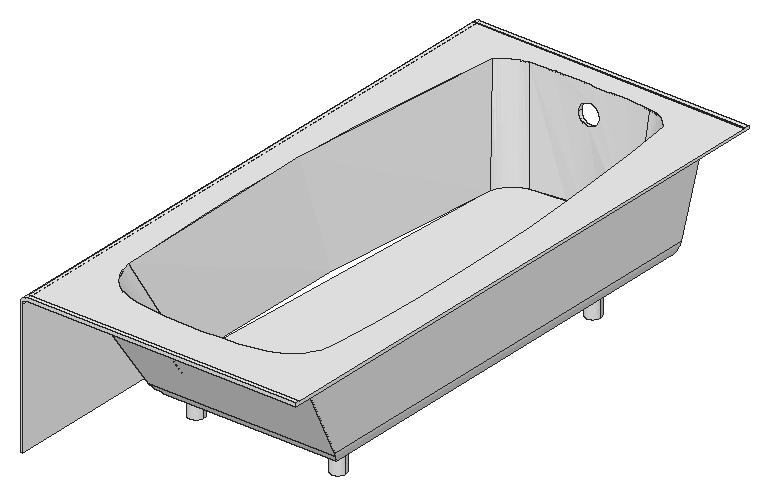
Revit family "Bathtub_Commercial_FBY1715LP_TOTO", category Plumbing Fixtures, host Face, Revit 2013
Parameters (values of type "FBY1715LP")
  ecoScorecard_data = " "
  ecoScorecard Product Page = "  "
  Width = 32"  # constant formula
  Water Connection Radius = Waste Connection NPT / 2  # 1 3/32"
  Waste Connection NPT = 2 3/16"
  Warranty URL = "http://www.totousa.com/warranty-registration"
  Warranty = "Lifetime Limited Warranty"  # constant formula
  URL = "http://www.totousa.com"
  Toto BIM Number = "BM-00098"  # constant formula
  Subcategory = "Bathtubs"  # constant formula
  Style = "Commercial"  # constant formula
  Spec Sheet URL = "http://assets.totousa.com/product-files/SS-00315_FBY1715LP_RP.pdf"
  Shipping Weight = 441.00 lbf
  Product Page URL = " "
  Owners Manual URL = "  "
  Model = "FBY1715LP"  # constant formula
  Manufacturer Toll Free Phone = "1-888-295-8134"  # constant formula
  Manufacturer Phone = "(770) 282-8686"  # constant formula
  Manufacturer Fax = "(770) 282-0002"  # constant formula
  Manufacturer Email = "mailto:custservice@totousa.com "
  Manufacturer Address = "1155 Southern Road, Morrow, Georgia 30260"  # constant formula
  Manufacturer = "TOTO USA, Inc."  # constant formula
  Height = 16 3/4"  # constant formula
  Finish = Metal - TOTO - Chrome - Polished
  Description = "Enameled Cast Iron Bathtub"  # constant formula
  Depth = 65 3/4"  # constant formula
  Default Elevation = 48"
  Cost Info = "mailto:custservice@totousa.com "
  Color Availability = "#01  Cotton, #12  Sedona Beige"  # constant formula
  CAD Drawing URL = "http://assets.totousa.com/product-files/AD-00164_FBY1715LP.dxf"
  Assembly Code = "D2010510"
  ADA Compliant = yes
  95 CSI = "15410"
  04 CSI = "22 42 19"
Reference planes (in)
  plane 1 "Center (Front/Back)": y = 0
  plane 2: z = 0
  plane 3 "Center (Left/Right)": x = 0
Dimensions and locks (in)
  aligned and locked: plane 2 to host face
  aligned and locked: level to host face
  aligned and locked: plane 3 "Center (Left/Right)" to nested 1
  aligned and locked: nested 1 to plane 1 "Center (Front/Back)"
Nested families (in)
  nested 1: "FBY1715LP" at (0, 29.875, 0), type "FBY1715LP"
Connectors (in)
  piping at (0, 25, 0.3125), driven by "Water Connection Radius"
    settings: on nested 1, index 1, connector radius 1 3/32", flow factor 0, pipe flow 0 GPM, pressure drop 0.00 psi, fitting loss kfactor 0, connector angle 0.00°, fixture units 0, engagement length 0", flow configuration 3, flow direction 2, fitting loss method 0, system type 16, joint type 0, gender type 0, connector reference index -1, connector utility 0, adjustable connector no, is connector primary yes, fitting loss table "", connector description "Waste Outlet Connection"
Definition of nested family "FBY1715LP"
  Parameters (values of type "FBY1715LP")
    ecoScorecard_data = ""
    ecoScorecard Product Page = ""
    Waste Connection Radius = Waste Connection Diameter / 2  # 1 3/32"
    Waste Connection Diameter = 2 3/16"
    Waste Connection = yes
    WFU = 0
    Vent Connection = yes
    URL = "http://www.totousa.com"
    Toto Version = "V.02"  # constant formula
    Toto BIM Number = "BM-00098"  # constant formula
    Subcategory = "Baths"  # constant formula
    Shipping Weight = 441.00 lbf
    Product URL = "http://www.totousa.com/ProductDetail/tabid/75/Default.aspx?ProductId=6eb202c5-a3e1-4a52-9463-589fb2e3db30&SearchId=c68fc767-0b6f-4ca0-b8b7-7255df0c05e9"
    Nominal Width = 32"  # constant formula
    Nominal Length = 65 3/4"  # constant formula
    Nominal Height = 16 3/4"  # constant formula
    Model = "FBY1715LP"
    Manufacturer = "TOTO USA, Inc."  # constant formula
    HWFU = 0
    HW Connection = no
    Description = "Enameled Cast Iron Bathtub"
    Default Elevation = 0"
    CWFU = 0
    CW Connection = no
    CADworks URL = "http://www.CADworks.net"
    Bathtub Material = Metal - TOTO - Chrome - Polished
    Assembly Code = "D2010510"
    ADA Compliant = yes
  Reference planes (in)
    plane 1 "Wall Closure": y = 3
    plane 2: z = 0
    plane 3 "Center (Left/Right)": x = 0
    plane 4: x = 16
    plane 5: x = -16
    plane 6: y = -4.875
    plane 7: y = -9.875
    plane 8: y = -46.875
    plane 9: z = 13.625
    plane 10: x = -15.75
    plane 11: y = -29.875
    plane 12: y = -62.75
    plane 13: y = 0.25
    plane 14: y = -58
    plane 15: x = -12.625
    plane 16: x = 12.6875
    plane 17: z = 16.75
    plane 18: z = 16.375
    plane 19: x = -8.25
    plane 20: x = 8.25
  Forms (in)
    Extrusion 1, solid
      sketch origin (0, 0, 0) x (1, 0, 0) y (0, 1, 0)
        loop
          line (-36, 24) -> (-36, -84) -> (36, -84) -> (36, 24) -> (-36, 24)
      from 0 to -2
    Extrusion 2, solid, material "Metal - TOTO - Chrome - Polished" <- "Bathtub Material", detail levels medium+fine
      sketch origin (0, 3, 0) x (1, 0, 0) y (0, 0, 1)
        loop
          line (-16, 0.39357) -> (16, 0.39357) -> (16, 16.75) -> (-15.15, 16.75)
          arc (-15.15, 16.75) -> (-15.75104, 16.50104) -> (-16, 15.9) r 0.85
          line (-16, 15.9) -> (-16, 0.39357)
      from 0 to 65.75
    Extrusion 3, void
      sketch origin (16, 0, 48) x (0, 1, 0) y (0, 0, 1)
        loop
          line (3, -31.625) -> (2.41492, -31.625) -> (1.6924, -31.625)
          arc (1.6924, -31.625) -> (1.36421, -31.63974) -> (1.03867, -31.68383) r 3.66141
          arc (1.03867, -31.68383) -> (0.64223, -31.90288) -> (0.45942, -32.31727) r 0.70866
          line (0.45942, -32.31727) -> (-0.66041, -44.69945)
          arc (-0.66041, -44.69945) -> (-1.30437, -46.18732) -> (-2.70662, -47.00104) r 2.59052
          arc (-2.70662, -47.00104) -> (-5.08291, -47.02937) -> (-7.45919, -47.00002) r 97.92627
          line (-7.45919, -47.00002) -> (-47.02365, -46.03109)
          arc (-47.02365, -46.03109) -> (-49.01915, -45.47238) -> (-50.50682, -44.02981) r 4.21259
          line (-50.50682, -44.02981) -> (-57.80545, -32.18614)
          arc (-57.80545, -32.18614) -> (-58.05892, -31.91808) -> (-58.39827, -31.77337) r 0.90551
          arc (-58.39827, -31.77337) -> (-59.1417, -31.66218) -> (-59.89249, -31.625) r 7.59841
          line (-59.89249, -31.625) -> (-62.75, -31.625) -> (-62.75, -48) -> (3, -48) -> (3, -31.625)
      from 0 to -30.81114
    SweptBlend 4, void
      path origin (0, 0, 0) x (0, 1, 0) y (0, 0, 1)
        loop
          line (-26.875, 17.3125) -> (-26.875, 4.4375)
      profile origin (0, -26.875, 17.3125) x (1, 0, 0) y (0, 1, 0)
        loop
          arc (-10.05062, 25.18745) -> (-12.43966, -0.1083) -> (-12.07904, -25.51406) r 234.59755
          arc (-12.07904, -25.51406) -> (-10.46882, -28.87246) -> (-7.16882, -30.59923) r 5.9055
          arc (-7.16882, -30.59923) -> (0, -31.17855) -> (7.16882, -30.59923) r 44.64505
          arc (7.16882, -30.59923) -> (10.46882, -28.87246) -> (12.07904, -25.51406) r 5.9055
          arc (12.07904, -25.51406) -> (12.43966, -0.1083) -> (10.05062, 25.18745) r 234.59755
          arc (10.05062, 25.18745) -> (8.73876, 26.31218) -> (7.08319, 26.80722) r 4.16224
          arc (7.08319, 26.80722) -> (0, 27.09585) -> (-7.08319, 26.80722) r 87.05805
          arc (-7.08319, 26.80722) -> (-8.73876, 26.31218) -> (-10.05062, 25.18745) r 4.16224
      end profile origin (0, -26.875, 4.4375) x (1, 0, 0) y (0, 1, 0)
        loop
          arc (-5.94207, 25.41535) -> (-7.57966, 24.58135) -> (-8.47304, 22.97537) r 3.1496
          arc (-8.47304, 22.97537) -> (-10.43042, 2.37103) -> (-10.48678, -18.326) r 225.06936
          arc (-10.48678, -18.326) -> (-9.5614, -20.44808) -> (-7.60332, -21.68318) r 3.937
          arc (-7.60332, -21.68318) -> (0, -22.69391) -> (7.60332, -21.68318) r 29.10384
          arc (7.60332, -21.68318) -> (9.5614, -20.44808) -> (10.48678, -18.326) r 3.937
          arc (10.48678, -18.326) -> (10.43042, 2.37103) -> (8.47304, 22.97537) r 225.06936
          arc (8.47304, 22.97537) -> (7.57966, 24.58135) -> (5.94207, 25.41535) r 3.1496
          arc (5.94207, 25.41535) -> (0, 25.93662) -> (-5.94207, 25.41535) r 34.1281
    Extrusion 5, void
      sketch origin (0, 0, 0) x (0, 1, 0) y (1, 0, 0)
        loop
          circle (-4.875, 0) r 1.09375
      from 0 to -4.4375
    Extrusion 6, solid, material "Metal - TOTO - Chrome - Polished" <- "Bathtub Material", detail levels medium+fine
      sketch origin (0.125, 0, 0) x (1, 0, 0) y (0, 1, 0)
        loop
          circle (8.125, -46.875) r 0.875
        loop
          circle (-8.375, -46.875) r 0.875
      from 0 to 2.62906
    Extrusion 7, solid, material "Metal - TOTO - Chrome - Polished" <- "Bathtub Material", detail levels medium+fine
      sketch origin (0, 0, 0) x (1, 0, 0) y (0, 1, 0)
        loop
          circle (8.25, -9.875) r 0.875
        loop
          circle (-8.25, -9.875) r 0.875
      from 0 to 2.38867
    Extrusion 8, void
      sketch origin (0, 3, 0) x (1, 0, 0) y (0, 0, 1)
        loop
          circle (0, 13.625) r 1.1875
      from 0 to 5
    Revolve 9, solid, material "Metal - TOTO - Chrome - Polished" <- "Bathtub Material", detail levels medium+fine
      sketch origin (51, -4.875, 48) x (1, 0, 0) y (0, 0, 1)
        loop
          line (-49.90625, -46.78938) -> (-49.90625, -47.6875) -> (-49.65625, -47.6875) -> (-49.65625, -47.31798)
          arc (-49.65625, -47.31798) -> (-49.50143, -46.94421) -> (-49.12765, -46.78938) r 0.5286
          line (-49.12765, -46.78938) -> (-49.90625, -46.78938)
        axis (-51, -46.78938) -> (-51, -47.6875)
      angle from 0 to 360
    Extrusion 10, void
      sketch origin (51, -4.875, 48) x (-1, 0, 0) y (0, 0, 1)
        loop
          line (38.08167, -31.625) -> (35, -31.625) -> (35, -48) -> (66.75, -48) -> (66.75, -32.07015)
          arc (66.75, -32.07015) -> (66.61962, -31.75538) -> (66.30485, -31.625) r 0.44515
          line (66.30485, -31.625) -> (63.87591, -31.625) -> (61.98588, -43.57041)
          arc (61.98588, -43.57041) -> (61.14849, -45.11577) -> (59.5261, -45.79195) r 2.63779
          arc (59.5261, -45.79195) -> (58.73646, -46.52104) -> (57.69726, -46.79514) r 2.22588
          line (57.69726, -46.79514) -> (51, -46.79514) -> (44.92916, -46.79514)
          arc (44.92916, -46.79514) -> (43.84346, -46.51958) -> (42.96999, -45.81833) r 2.63779
          arc (42.96999, -45.81833) -> (42.72193, -45.8054) -> (42.4739, -45.79195) r 118.38559
          arc (42.4739, -45.79195) -> (40.8549, -45.11883) -> (40.01556, -43.57943) r 2.63779
          line (40.01556, -43.57943) -> (38.08167, -31.625)
      from 7.875 to -57.875
    Extrusion 11, void
      sketch origin (51, -4.875, 48) x (-1, 0, 0) y (0, 0, 1)
        loop
          line (67, -31.40927) -> (67, -31.25) -> (34.46812, -31.25)
          arc (34.46812, -31.25) -> (34.52251, -31.31813) -> (34.60582, -31.34381) r 0.14797
          line (34.60582, -31.34381) -> (66.93454, -31.34381) -> (67, -31.40927)
      from 7.375 to -57.375
    Extrusion 12, solid, material "Metal - TOTO - Chrome - Polished" <- "Bathtub Material", detail levels coarse
      sketch origin (0, 0, 0) x (1, 0, 0) y (0, 1, 0)
        loop
          line (-16, 3) -> (-16, -62.75) -> (16, -62.75) -> (16, 3) -> (-16, 3)
      from 16.75 to 0
  Cuts and joins
    Extrusion 3, SweptBlend 4, Extrusion 5, Extrusion 8, Extrusion 10, Extrusion 11 cuts Extrusion 2
  Lines and regions (in)
    symbolic lines, detail levels medium+fine
      curve 1: arc (1.87235, -4.875, 0) -> (0, -6.74735, 0) -> (-1.87235, -4.875, 0) r 1.87235
      curve 2: arc (-1.87235, -4.875, 0) -> (0, -3.00265, 0) -> (1.87235, -4.875, 0) r 1.87235
      curve 3: arc (0, -3.78125, 0) -> (1.09375, -4.875, 0) -> (0, -5.96875, 0) r 1.09375
      curve 4: arc (0, -5.96875, 0) -> (-1.09375, -4.875, 0) -> (0, -3.78125, 0) r 1.09375
      curve 5: arc (7.033, -0.13942, 0) -> (-0.00003, 0.16176, 0) -> (-7.03307, -0.13942, 0) r 82.26829
      curve 6: arc (9.97018, -1.80023, 0) -> (8.68132, -0.65197, 0) -> (7.03299, -0.13946, 0) r 4.07984
      curve 7: arc (9.97018, -1.80023, 0) -> (12.33723, -26.85671, 0) -> (11.99789, -52.02247, 0) r 233.85879
      curve 8: arc (7.21738, -57.01529, 0) -> (10.432, -55.30819, 0) -> (11.99789, -52.02247, 0) r 5.80385
      curve 9: arc (-11.99789, -52.02247, 0) -> (-10.432, -55.30818, 0) -> (-7.21739, -57.01529, 0) r 5.80385
      curve 10: arc (-11.99789, -52.02247, 0) -> (-12.33723, -26.85671, 0) -> (-9.97018, -1.80023, 0) r 233.85879
      curve 11: arc (-7.03305, -0.13944, 0) -> (-8.68135, -0.65197, 0) -> (-9.97018, -1.80023, 0) r 4.07984
      curve 12: arc (-7.21739, -57.01529, 0) -> (-0.00001, -58.00694, 0) -> (7.21738, -57.01529, 0) r 26.76052
      curve 13: arc (-5.94207, -1.45965, 0) -> (-7.57966, -2.29365, 0) -> (-8.47304, -3.89963, 0) r 3.1496
      curve 14: arc (5.94207, -1.45965, 0) -> (0, -0.93838, 0) -> (-5.94207, -1.45965, 0) r 34.1281
      curve 15: arc (8.47304, -3.89963, 0) -> (7.57966, -2.29365, 0) -> (5.94207, -1.45965, 0) r 3.1496
      curve 16: arc (10.48678, -45.201, 0) -> (10.43042, -24.50397, 0) -> (8.47304, -3.89963, 0) r 225.06936
      curve 17: arc (7.60332, -48.55818, 0) -> (9.5614, -47.32308, 0) -> (10.48678, -45.201, 0) r 3.937
      curve 18: arc (-7.60332, -48.55818, 0) -> (0, -49.56891, 0) -> (7.60332, -48.55818, 0) r 29.10384
      curve 19: arc (-10.48678, -45.201, 0) -> (-9.5614, -47.32308, 0) -> (-7.60332, -48.55818, 0) r 3.937
      curve 20: arc (-8.47304, -3.89963, 0) -> (-10.43042, -24.50397, 0) -> (-10.48678, -45.201, 0) r 225.06936
      curve 21: line (11.99787, -52.02264, 0) -> (10.48678, -45.201, 0)
      curve 22: line (-10.48678, -45.201, 0) -> (-11.99787, -52.02264, 0)
      curve 23: line (8.47304, -3.89963, 0) -> (9.9702, -1.80031, 0)
      curve 24: line (-9.9702, -1.80031, 0) -> (-8.47304, -3.89963, 0)
      curve 25: line (-1.18682, -0.12211, 0) -> (1.18682, -0.12211, 0)
      curve 26: spline (1.18682, -0.12211, 0) -> (1.14761, -0.09288, 0) -> (1.02972, -0.06562, 0) -> (0.84123, -0.04219, 0) -> (0.59506, -0.02421, 0) -> (0.30809, -0.0129, 0) -> (0, -0.00904, 0) -> (-0.30809, -0.0129, 0) -> (-0.59506, -0.02421, 0) -> (-0.84123, -0.04219, 0) -> (-1.02972, -0.06562, 0) -> (-1.14761, -0.09288, 0) -> (-1.18682, -0.12211, 0)
      curve 27: line (-15.53817, 2.5, 0) -> (15.53125, 2.5, 0)
      curve 28: line (-15.53817, -62.25, 0) -> (-15.53817, 2.5, 0)
      curve 29: line (15.53125, -62.25, 0) -> (-15.53817, -62.25, 0)
      curve 30: line (15.53125, 2.5, 0) -> (15.53125, -62.25, 0)
      curve 35: line (16, -4.875, 16.75) -> (-15.15, -4.875, 16.75)
      curve 36: arc (-15.15, -4.875, 16.75) -> (-15.75104, -4.875, 16.50104) -> (-16, -4.875, 15.9) r 0.85
      curve 37: line (-16, -4.875, 15.9) -> (-16, -4.875, 0.39357)
      curve 38: line (-16, -4.875, 0.39357) -> (-15.75, -4.875, 0.39357)
      curve 39: line (-15.75, -4.875, 0.39357) -> (-15.75, -4.875, 15.92985)
      curve 40: arc (-15.75, -4.875, 15.92985) -> (-15.61962, -4.875, 16.24462) -> (-15.30485, -4.875, 16.375) r 0.44515
      curve 41: line (-15.30485, -4.875, 16.375) -> (16, -4.875, 16.375)
      curve 42: line (16, -4.875, 16.375) -> (16, -4.875, 16.75)
      curve 43: line (-10.98588, -4.875, 4.42959) -> (-12.87591, -4.875, 16.375)
      curve 44: arc (-10.98588, -4.875, 4.42959) -> (-10.14849, -4.875, 2.88423) -> (-8.5261, -4.875, 2.20805) r 2.63779
      curve 45: arc (-8.5261, -4.875, 2.20805) -> (-7.73646, -4.875, 1.47896) -> (-6.69726, -4.875, 1.20486) r 2.22588
      curve 46: line (6.07084, -4.875, 1.20486) -> (-6.69726, -4.875, 1.20486)
      curve 47: arc (6.07084, -4.875, 1.20486) -> (7.15654, -4.875, 1.48042) -> (8.03001, -4.875, 2.18167) r 2.63779
      curve 48: arc (8.5261, -4.875, 2.20805) -> (10.1451, -4.875, 2.88117) -> (10.98444, -4.875, 4.42057) r 2.63779
      curve 49: arc (8.5261, -4.875, 2.20805) -> (8.27807, -4.875, 2.1946) -> (8.03001, -4.875, 2.18167) r 118.38559
      curve 50: line (12.91833, -4.875, 16.375) -> (10.98444, -4.875, 4.42057)
      curve 51: line (1.34375, -4.875, 0.3125) -> (-1.34375, -4.875, 0.3125)
      curve 52: line (1.34375, -4.875, 0.3125) -> (1.34375, -4.875, 0.67938)
      curve 53: arc (1.34375, -4.875, 0.67938) -> (1.46347, -4.875, 1.01746) -> (1.76927, -4.875, 1.20486) r 0.53721
      curve 54: line (-1.34375, -4.875, 0.3125) -> (-1.34375, -4.875, 0.67938)
      curve 55: arc (-1.34375, -4.875, 0.67938) -> (-1.46347, -4.875, 1.01746) -> (-1.76927, -4.875, 1.20486) r 0.53721
      curve 56: line (-9.125, -4.875, 2.31128) -> (-9.125, -4.875, 0)
      curve 57: line (-9.125, -4.875, 0) -> (-7.375, -4.875, 0)
      curve 58: line (-7.375, -4.875, 0) -> (-7.375, -4.875, 1.32059)
      curve 59: line (9.125, -4.875, 2.31128) -> (9.125, -4.875, 0)
      curve 60: line (9.125, -4.875, 0) -> (7.375, -4.875, 0)
      curve 61: line (7.375, -4.875, 0) -> (7.375, -4.875, 1.60261)
      curve 62: line (0, -62.25, 16.65619) -> (0, 2.5, 16.65619)
      curve 63: line (0, 2.5, 16.65619) -> (0, 2.5, 16.75)
      curve 64: line (0, 3, 16.75) -> (0, 2.5, 16.75)
      curve 65: line (0, 3, 0.39357) -> (0, 3, 16.75)
      curve 66: line (0, -62.75, 0.39357) -> (0, 3, 0.39357)
      curve 67: line (0, -62.75, 16.75) -> (0, -62.75, 0.39357)
      curve 68: line (0, -62.25, 16.75) -> (0, -62.75, 16.75)
      curve 69: line (0, -62.25, 16.75) -> (0, -62.25, 16.65619)
      curve 70: line (0, -3.53125, 0.3125) -> (0, -3.53125, 0.39357)
      curve 71: line (0, -3.53125, 0.3125) -> (0, -6.21875, 0.3125)
      curve 72: line (0, -6.21875, 0.3125) -> (0, -6.21875, 0.39357)
      curve 73: line (0, -9, 0) -> (0, -9, 0.39357)
      curve 74: line (0, -9, 0) -> (0, -10.75, 0)
      curve 75: line (0, -10.75, 0) -> (0, -10.75, 0.39357)
      curve 76: line (0, -46, 0) -> (0, -46, 0.39357)
      curve 77: line (0, -46, 0) -> (0, -47.75, 0)
      curve 78: line (0, -47.75, 0) -> (0, -47.75, 0.39357)
    symbolic lines
      curve 31: line (-16, 3, 0) -> (16, 3, 0)
      curve 32: line (-16, -62.75, 0) -> (-16, 3, 0)
      curve 33: line (16, -62.75, 0) -> (-16, -62.75, 0)
      curve 34: line (16, 3, 0) -> (16, -62.75, 0)
    symbolic lines, detail levels coarse
      curve 79: line (-16, -4.875, 16.75) -> (16, -4.875, 16.75)
      curve 80: line (-16, -4.875, 0) -> (-16, -4.875, 16.75)
      curve 81: line (16, -4.875, 0) -> (-16, -4.875, 0)
      curve 82: line (16, -4.875, 16.75) -> (16, -4.875, 0)
      curve 83: line (0, 3, 16.75) -> (0, -62.75, 16.75)
      curve 84: line (0, 3, 0) -> (0, 3, 16.75)
      curve 85: line (0, -62.75, 0) -> (0, 3, 0)
      curve 86: line (0, -62.75, 16.75) -> (0, -62.75, 0)
  Dimensions and locks (in)
    locked: plane 6 to Extrusion 5 sketch curve at 0
    locked: plane 3 "Center (Left/Right)" to Extrusion 5 sketch curve at 0
    locked: Extrusion 6 to plane 2 at 2.62906
    locked: Extrusion 7 to plane 2 at 2.38867
    locked: plane 6 to plane 1 "Wall Closure" at 7.875  (x2)
    locked: plane 7 to plane 1 "Wall Closure" at 12.875
    locked: plane 8 to plane 1 "Wall Closure" at 49.875
    equal spacing: plane 5, plane 3 "Center (Left/Right)", plane 4, locked at 16 each
    locked: plane 5 to plane 10 at 0.25
    Revolve 9 sketch curve to Revolve 9 sketch curve to plane 2 = 0.89812" locked, 5/16" locked
    locked: Revolve 9 sketch curve to Revolve 9 sketch curve at 0.25
    locked: Revolve 9 sketch curve to Revolve 9 sketch curve at 0.5286
    "Waste Connection Radius": Revolve 9 sketch curve to plane 3 "Center (Left/Right)"
    plane 7 to plane 1 "Wall Closure" = 12 7/8"
    plane 6 to plane 7 to plane 11 = 5", 20"
    "Nominal Length": plane 12 to plane 1 "Wall Closure"
    locked: plane 14 to plane 13 at 58.25
    locked: plane 13 to plane 1 "Wall Closure" at 2.75
    plane 12 to plane 14 = 4 3/4"
    locked: plane 5 to plane 15 at 3.375
    locked: plane 15 to plane 16 at 25.3125
    "Nominal Width": plane 5 to plane 4
    "Nominal Height": plane 17 to plane 2
    locked: SweptBlend 4 sketch curve to plane 7 at 17
    locked: SweptBlend 4 sketch curve to plane 17 at 0.5625
    SweptBlend 4 sketch curve to plane 9 = 9 3/16"
    locked: cut or joined group of Extrusion 2, Extrusion 3, SweptBlend 4, Extrusion 5, Extrusion 8, Extrusion 10, Extrusion 11 to plane 17 at 0
    locked: Extrusion 3 sketch curve to plane 12 at 0
    Extrusion 3 sketch curve to plane 9 = 13 5/8"
    locked: plane 11 to plane 1 "Wall Closure" at 32.875
    locked: plane 8 to Extrusion 6 sketch curve at 0  (x2)
    locked: plane 19 to Extrusion 6 sketch curve at 0
    locked: plane 20 to Extrusion 6 sketch curve at 0
    locked: plane 7 to Extrusion 7 sketch curve at 0  (x2)
    locked: plane 19 to Extrusion 7 sketch curve at 0
    locked: plane 20 to Extrusion 7 sketch curve at 0
    locked: Extrusion 10 sketch curve to plane 15 at 1.63912
    locked: Extrusion 10 sketch curve to plane 15 at 4.0989
    locked: Extrusion 10 sketch curve to plane 2 at 1.20486  (x2)
    locked: plane 16 to Extrusion 10 sketch curve at 4.65749
    locked: plane 16 to Extrusion 10 sketch curve at 1.70306
    locked: Extrusion 10 sketch curve to plane 16 at 0.23083
    locked: Extrusion 10 sketch curve to plane 4 at 0
    locked: Extrusion 3 sketch curve to plane 18 at 0.56114
    locked: plane 14 to Extrusion 3 sketch curve at 7.49318
    locked: Extrusion 3 sketch curve to plane 8 at 0.14865
    locked: Extrusion 3 sketch curve to plane 13 at 7.70919
    locked: Extrusion 3 sketch curve to plane 13 at 2.95662
    locked: Extrusion 3 sketch curve to plane 13 at 0.91041
    locked: plane 13 to Extrusion 3 sketch curve at 0.20942
    locked: Extrusion 3 sketch curve to plane 1 "Wall Closure" at 0.58508
    locked: Extrusion 3 sketch curve to plane 1 "Wall Closure" at 0
    locked: Revolve 9 to plane 2 at 0.3125
    locked: Revolve 9 to plane 2 at 1.21062
    locked: Extrusion 11 sketch curve to Extrusion 11 sketch curve at 0.09381
    locked: plane 17 to Extrusion 11 sketch curve at 0.09381
    locked: plane 12 to cut or joined group of Extrusion 2, Extrusion 3, SweptBlend 4, Extrusion 5, Extrusion 8, Extrusion 10, Extrusion 11 at 0.5
    locked: cut or joined group of Extrusion 2, Extrusion 3, SweptBlend 4, Extrusion 5, Extrusion 8, Extrusion 10, Extrusion 11 to plane 1 "Wall Closure" at 0.5
    locked: plane 19 to SweptBlend 4 sketch curve at 8.25
    SweptBlend 4 sketch curve to plane 17 = 9/16"
    locked: SweptBlend 4 sketch curve to plane 13 at 1.93755
    locked: SweptBlend 4 sketch curve to plane 4 at 3.92096
    locked: plane 15 to SweptBlend 4 sketch curve at 0.54596
    locked: plane 15 to SweptBlend 4 sketch curve at 2.57438
    SweptBlend 4 sketch curve to plane 19 = 1.80062"
    locked: SweptBlend 4 sketch curve to plane 13 at 0.31778
    locked: SweptBlend 4 sketch curve to plane 13 at 1.70965
    locked: SweptBlend 4 sketch curve to plane 16 at 4.21446
    locked: plane 8 to SweptBlend 4 sketch curve at 1.674  (x2)
    locked: SweptBlend 4 sketch curve to plane 20 at 0.64668
    locked: plane 14 to curve 12 at 0.98471  (x2)
    locked: plane 19 to plane 3 "Center (Left/Right)" at 8.25
    locked: plane 20 to plane 3 "Center (Left/Right)" at 8.25
    locked: plane 18 to plane 9 at 2.75
    locked: plane 2 to cut or joined group of Extrusion 2, Extrusion 3, SweptBlend 4, Extrusion 5, Extrusion 8, Extrusion 10, Extrusion 11 at 0.39357
    "Waste Connection Radius": radius of Extrusion 5 sketch curve
    radius of Revolve 9 sketch curve = 0.5286"
    radius of curve 3 = 1 3/32"
    aligned and locked: plane 2 to Extrusion 1
    aligned and locked: level to Extrusion 1
    aligned and locked: Extrusion 5 to SweptBlend 4
    aligned and locked: Extrusion 5 to level
    aligned and locked: cut or joined group of Extrusion 2, Extrusion 3, SweptBlend 4, Extrusion 5, Extrusion 8, Extrusion 10, Extrusion 11 to plane 4  (x2)
    aligned and locked: level to Extrusion 6
    aligned and locked: level to Extrusion 7
    aligned and locked: cut or joined group of Extrusion 2, Extrusion 3, SweptBlend 4, Extrusion 5, Extrusion 8, Extrusion 10, Extrusion 11 to plane 1 "Wall Closure"
    aligned and locked: plane 1 "Wall Closure" to Extrusion 8
    aligned and locked: Extrusion 2 to Extrusion 3
    aligned and locked: Extrusion 3 to level
    aligned and locked: Extrusion 3 to plane 1 "Wall Closure"
    aligned and locked: plane 1 "Wall Closure" to Extrusion 3 sketch curve
    aligned and locked: Extrusion 3 sketch curve to plane 2
    aligned and locked: plane 4 to Extrusion 3 sketch curve
    aligned: cut or joined group of Extrusion 2, Extrusion 3, SweptBlend 4, Extrusion 5, Extrusion 8, Extrusion 10, Extrusion 11 to plane 10
    aligned and locked: plane 17 to cut or joined group of Extrusion 2, Extrusion 3, SweptBlend 4, Extrusion 5, Extrusion 8, Extrusion 10, Extrusion 11  (x2)
    aligned and locked: plane 1 "Wall Closure" to cut or joined group of Extrusion 2, Extrusion 3, SweptBlend 4, Extrusion 5, Extrusion 8, Extrusion 10, Extrusion 11  (x2)
    aligned and locked: Extrusion 6 to plane 2
    aligned and locked: plane 2 to Extrusion 7
    aligned and locked: cut or joined group of Extrusion 2, Extrusion 3, SweptBlend 4, Extrusion 5, Extrusion 8, Extrusion 10, Extrusion 11 to plane 5
    aligned and locked: plane 2 to Extrusion 6  (x2)
    aligned and locked: plane 4 to cut or joined group of Extrusion 2, Extrusion 3, SweptBlend 4, Extrusion 5, Extrusion 8, Extrusion 10, Extrusion 11
    aligned and locked: cut or joined group of Extrusion 2, Extrusion 3, SweptBlend 4, Extrusion 5, Extrusion 8, Extrusion 10, Extrusion 11 to plane 12
    aligned and locked: plane 12 to cut or joined group of Extrusion 2, Extrusion 3, SweptBlend 4, Extrusion 5, Extrusion 8, Extrusion 10, Extrusion 11
    aligned and locked: Extrusion 3 to Extrusion 2
    aligned and locked: curve 3 to cut or joined group of Extrusion 2, Extrusion 3, SweptBlend 4, Extrusion 5, Extrusion 8, Extrusion 10, Extrusion 11
    aligned and locked: curve 4 to cut or joined group of Extrusion 2, Extrusion 3, SweptBlend 4, Extrusion 5, Extrusion 8, Extrusion 10, Extrusion 11
    aligned and locked: Extrusion 10 sketch curve to plane 18
    aligned and locked: Extrusion 3 sketch curve to plane 18
    aligned and locked: plane 18 to Extrusion 3 sketch curve  (x2)
    aligned and locked: plane 18 to Extrusion 10 sketch curve
    aligned: plane 2 to Extrusion 10 sketch curve
    aligned: Extrusion 10 sketch curve to plane 10
    aligned and locked: Extrusion 3 sketch curve to Extrusion 1
    aligned and locked: Extrusion 3 sketch curve to cut or joined group of Extrusion 2, Extrusion 3, SweptBlend 4, Extrusion 5, Extrusion 8, Extrusion 10, Extrusion 11
    aligned: Extrusion 2 to Extrusion 10
    aligned: Extrusion 10 to plane 1 "Wall Closure"
    aligned: Extrusion 3 to Extrusion 2
    aligned and locked: Extrusion 11 sketch curve to plane 17
    aligned and locked: plane 5 to Extrusion 11 sketch curve
    aligned: plane 4 to Extrusion 11 sketch curve
    aligned and locked: curve 13 to cut or joined group of Extrusion 2, Extrusion 3, SweptBlend 4, Extrusion 5, Extrusion 8, Extrusion 10, Extrusion 11
    aligned and locked: curve 14 to cut or joined group of Extrusion 2, Extrusion 3, SweptBlend 4, Extrusion 5, Extrusion 8, Extrusion 10, Extrusion 11
    aligned and locked: curve 15 to cut or joined group of Extrusion 2, Extrusion 3, SweptBlend 4, Extrusion 5, Extrusion 8, Extrusion 10, Extrusion 11
    aligned and locked: curve 16 to cut or joined group of Extrusion 2, Extrusion 3, SweptBlend 4, Extrusion 5, Extrusion 8, Extrusion 10, Extrusion 11
    aligned and locked: curve 17 to cut or joined group of Extrusion 2, Extrusion 3, SweptBlend 4, Extrusion 5, Extrusion 8, Extrusion 10, Extrusion 11
    aligned and locked: curve 18 to cut or joined group of Extrusion 2, Extrusion 3, SweptBlend 4, Extrusion 5, Extrusion 8, Extrusion 10, Extrusion 11
    aligned and locked: curve 19 to cut or joined group of Extrusion 2, Extrusion 3, SweptBlend 4, Extrusion 5, Extrusion 8, Extrusion 10, Extrusion 11
    aligned and locked: curve 20 to cut or joined group of Extrusion 2, Extrusion 3, SweptBlend 4, Extrusion 5, Extrusion 8, Extrusion 10, Extrusion 11
    aligned and locked: Extrusion 12 to cut or joined group of Extrusion 2, Extrusion 3, SweptBlend 4, Extrusion 5, Extrusion 8, Extrusion 10, Extrusion 11
    aligned and locked: Extrusion 12 to level
  Automatic sketch dimensions
    Extrusion 1 sketch curve to Extrusion 1 sketch curve = 72"
    Extrusion 1 sketch curve to Extrusion 1 sketch curve = 108"
    Extrusion 2 sketch curve to plane 5 = 0"
    Extrusion 2 sketch curve to plane 17 = 0"
    plane 4 to Extrusion 2 sketch curve = 0"
    plane 10 to Extrusion 2 sketch curve = 0.6"
    level to Extrusion 2 sketch curve = 0.39357"
    SweptBlend 4 sketch curve to plane 3 "Center (Left/Right)" = 0"  (x4)
    profile plane to SweptBlend 4 sketch curve = 9.48639"  (x2)
    SweptBlend 4 sketch curve to SweptBlend 4 sketch curve = 209.89132"
    SweptBlend 4 sketch curve to SweptBlend 4 sketch curve = 4.91022"
    SweptBlend 4 sketch curve to SweptBlend 4 sketch curve = 0"  (x8)
    SweptBlend 4 sketch curve to SweptBlend 4 sketch curve = 2.96742"  (x2)
    SweptBlend 4 sketch curve to SweptBlend 4 sketch curve = 3.30607"
    SweptBlend 4 sketch curve to SweptBlend 4 sketch curve = 0.94827"  (x2)
    SweptBlend 4 sketch curve to SweptBlend 4 sketch curve = 5.85849"
    plane 3 "Center (Left/Right)" to SweptBlend 4 sketch curve = 6.74455"
    SweptBlend 4 sketch curve to SweptBlend 4 sketch curve = 0.33865"
    SweptBlend 4 sketch curve to SweptBlend 4 sketch curve = 5.08517"
    SweptBlend 4 sketch curve to plane 3 "Center (Left/Right)" = 5.39369"
    SweptBlend 4 sketch curve to SweptBlend 4 sketch curve = 0.54838"  (x2)
    SweptBlend 4 sketch curve to plane 3 "Center (Left/Right)" = 6.57479"
    SweptBlend 4 sketch curve to SweptBlend 4 sketch curve = 1.02853"  (x2)
    SweptBlend 4 sketch curve to SweptBlend 4 sketch curve = 3.07935"  (x2)
    SweptBlend 4 sketch curve to SweptBlend 4 sketch curve = 3.91199"
    profile plane to SweptBlend 4 sketch curve = 8.5897"  (x2)
    SweptBlend 4 sketch curve to SweptBlend 4 sketch curve = 203.88512"
    SweptBlend 4 sketch curve to SweptBlend 4 sketch curve = 3.35719"
    curve 1 to curve 3 = 0"  (x2)
    plane 1 "Wall Closure" to curve 32 = 0"
    curve 32 to plane 5 = 0"
    curve 5 to plane 3 "Center (Left/Right)" = 0"
    curve 31 to plane 4 = 0"
    curve 33 to plane 12 = 0"
    curve 7 to curve 16 = 6.95929"
    plane 10 to curve 29 = 0.21183"
    plane 15 to curve 9 = 0.62711"
    curve 10 to curve 22 = 0"
    plane 19 to curve 24 = 1.7202"
    curve 24 to curve 10 = 0"
    curve 9 to plane 19 = 1.03261"
    plane 13 to curve 5 = 0.38942"
    curve 5 to plane 19 = 1.21693"
    curve 5 to curve 11 = 0"
    curve 11 to plane 6 = 0.67162"
    curve 11 to curve 13 = 1.27953"
    curve 9 to plane 19 = 2.01011"
    curve 1 to plane 3 "Center (Left/Right)" = 1.87235"
    plane 13 to curve 26 = 0.37211"
    curve 26 to plane 3 "Center (Left/Right)" = 1.18682"
    curve 12 to plane 3 "Center (Left/Right)" = 0"
    curve 26 to plane 3 "Center (Left/Right)" = 0"
    curve 26 to curve 26 = 0"
    plane 20 to curve 8 = 2.01011"
    curve 6 to plane 6 = 0.67159"
    curve 15 to curve 6 = 1.27955"
    plane 13 to curve 6 = 0.38946"
    plane 20 to curve 6 = 1.21701"
    curve 6 to curve 5 = 0"
    curve 6 to plane 20 = 1.72018"
    curve 7 to curve 23 = 0"
    curve 21 to plane 16 = 0.68963"
    curve 21 to curve 8 = 0"
    plane 4 to curve 30 = 15/32"
    curve 20 to curve 10 = 6.95929"
    curve 5 to plane 12 = 19.35654"
    plane 12 to curve 30 = 1/2"
    plane 8 to curve 21 = 5.14764"
    plane 8 to curve 22 = 5.14764"
    curve 22 to curve 9 = 0.00017"
    curve 21 to curve 8 = 0.00017"
    curve 10 to plane 11 = 6.41598"
    curve 12 to plane 11 = 1.37141"
    curve 23 to curve 7 = 0.00008"
    curve 24 to curve 10 = 0.00008"
    curve 26 to curve 26 = 0.00054"
    plane 1 "Wall Closure" to curve 27 = 1/2"
    Extrusion 8 sketch curve to plane 3 "Center (Left/Right)" = 0"
    Extrusion 8 sketch curve to plane 9 = 0"
    Revolve 9 sketch curve to plane 3 "Center (Left/Right)" = 0"
    Revolve 9 sketch curve to level = 1.81228"
    Revolve 9 sketch curve to Revolve 9 sketch curve = 5.9771"
    Extrusion 10 sketch curve to plane 3 "Center (Left/Right)" = 0"
    Extrusion 10 sketch curve to level = 0"
    Extrusion 10 sketch curve to plane 10 = 0"
    Extrusion 10 sketch curve to plane 20 = 0.2761"
    Extrusion 10 sketch curve to Extrusion 10 sketch curve = 0"
    Extrusion 10 sketch curve to plane 20 = 0.1305"
    plane 20 to Extrusion 10 sketch curve = 2.17916"
    plane 20 to Extrusion 10 sketch curve = 2.27044"
    plane 3 "Center (Left/Right)" to Extrusion 10 sketch curve = 1.99163"
    Extrusion 10 sketch curve to plane 19 = 1.58404"
    Extrusion 10 sketch curve to plane 19 = 1.55274"
    plane 19 to Extrusion 10 sketch curve = 0.1305"
    Extrusion 10 sketch curve to plane 15 = 0.25091"
    plane 10 to Extrusion 10 sketch curve = 0.44515"
    level to Extrusion 10 sketch curve = 2.18167"
    Extrusion 10 sketch curve to Extrusion 10 sketch curve = 1.0032"
    Extrusion 10 sketch curve to Extrusion 10 sketch curve = 0.02638"
    Extrusion 10 sketch curve to Extrusion 10 sketch curve = 2.22154"
    plane 5 to Extrusion 11 sketch curve = 0.06546"
    Extrusion 11 sketch curve to plane 4 = 0.39418"
    Extrusion 11 sketch curve to Extrusion 11 sketch curve = 0.1377"
    Extrusion 11 sketch curve to Extrusion 11 sketch curve = 0.06546"
    Extrusion 12 sketch curve to plane 5 = 0"
    Extrusion 12 sketch curve to plane 4 = 0"
    Extrusion 12 sketch curve to plane 12 = 0"
    plane 1 "Wall Closure" to Extrusion 12 sketch curve = 0"
    curve 81 to level = 0"
    curve 81 to plane 5 = 0"
    curve 36 to plane 5 = 0"
    curve 39 to plane 10 = 0"
    curve 40 to plane 18 = 0"
    curve 36 to plane 17 = 0"
    curve 56 to level = 0"
    curve 60 to level = 0"
    plane 4 to curve 35 = 0"
    plane 10 to curve 40 = 0.44515"
    curve 40 to curve 36 = 0.15485"
    curve 43 to plane 15 = 0.25091"
    plane 15 to curve 44 = 1.63912"
    plane 19 to curve 56 = 7/8"
    plane 19 to curve 44 = 0.2761"
    plane 19 to curve 44 = 0.1305"
    curve 58 to plane 19 = 7/8"
    curve 58 to curve 45 = 0.67774"
    curve 45 to plane 19 = 1.58404"
    level to curve 55 = 0.67938"
    curve 55 to plane 3 "Center (Left/Right)" = 1.88096"
    curve 55 to curve 55 = 0.11169"
    curve 55 to curve 55 = 0.53721"
    level to curve 51 = 5/16"
    plane 3 "Center (Left/Right)" to curve 51 = 1 11/32"
    curve 52 to curve 53 = 0.42552"
    curve 52 to curve 53 = 0.53721"
    plane 3 "Center (Left/Right)" to curve 49 = 1.99163"
    plane 20 to curve 47 = 2.27044"
    plane 20 to curve 47 = 2.17916"
    plane 20 to curve 60 = 7/8"
    plane 20 to curve 47 = 0.21999"
    curve 48 to plane 20 = 0.1305"
    curve 48 to plane 20 = 0.2761"
    curve 49 to curve 48 = 0"
    curve 49 to curve 59 = 0.5989"
    curve 48 to plane 16 = 1.70306"
    plane 16 to curve 50 = 0.23083"
    level to curve 39 = 0.39357"
    curve 45 to curve 58 = 0.11573"
    curve 46 to curve 61 = 0.39775"
    curve 49 to curve 49 = 0.02638"
    curve 45 to curve 56 = 0.10322"
    curve 86 to level = 0"
    curve 86 to plane 12 = 0"
    curve 78 to level = 0"
    curve 75 to level = 0"
    curve 64 to plane 17 = 0"
    curve 65 to plane 1 "Wall Closure" = 0"
    plane 12 to curve 68 = 1/2"
    level to curve 78 = 0.39357"
    plane 8 to curve 78 = 7/8"
    curve 77 to plane 8 = 7/8"
    plane 7 to curve 75 = 7/8"
    curve 73 to plane 7 = 7/8"
    level to curve 72 = 5/16"
    plane 6 to curve 72 = 1 11/32"
    curve 71 to plane 6 = 1 11/32"
    curve 62 to plane 17 = 0.09381"
    plane 1 "Wall Closure" to curve 62 = 1/2"
    radius of Extrusion 6 sketch curve = 7/8"  (x2)
    radius of Extrusion 7 sketch curve = 7/8"  (x2)
    radius of Extrusion 8 sketch curve = 1 3/16"
